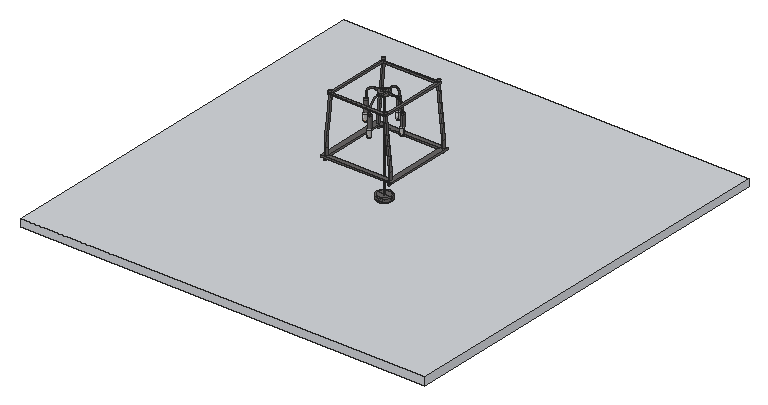
Revit family "11", category Lighting Fixtures, host Face, Revit 2014
Parameters (values of type "P500214-031")
  Watts = 60 W
  Wattage Comments = "60W"
  Warranty = "1 year Warranty"  # constant formula
  Voltage = 120 V
  URL = "https://www.hubbell.com/progresslighting/en"
  Product Link = "https://www.hubbell.com/progresslighting/en/Products/Lighting-Controls/Residential-Indoor-Lighting/New-Indoor-Products/Parkhurst-Collection-Black-Four-Light-Foyer/p/3980600"
  Product Documentation Link = "https://hubbellcdn.com/specsheet/PROG_P500214-031_spec.pdf"
  Power Factor = 1
  Model = "P500214-031"  # constant formula
  Manufacturer = "Progress Lighting"  # constant formula
  Load Classification = Lighting
  Gold = Hubbell - Gold
  Glass = Paint - Hubbell - White Texture
  Width = 6.00"
  Lamp = "LED or Medium Base"  # constant formula
  Housing Material = Paint - Hubbell - Textured Camera Black
  Fixture distribution = "Direct"  # constant formula
  Features = "An open-cage metal frame creates a sophisticated, airy structure.\r\nA beautiful black finish coats the lantern-style frame for an eye-pleasing, handsome design.\r\nInside the frame perch smooth, simple light bases ready to offer your home a lovely glow.\r\nIdeal for a hallway, foyer, entryway, kitchen, or dining room.\r\nPerfect for transitional, new traditional, and farmhouse settings.\r\nMeasures 14-3/8-inch width by 24-3/8-inch height.\r\nUses four candelabra base bulbs that are sold separately (60w max - LED or incandescent).\r\nAble to be fully dimmable with dimmable bulbs.\r\nIncludes installation instructions and mounting hardware.\r\nProgress Lighting products are designed for exceptional quality, reliability, and functionality."  # constant formula
  Height = 26.50"
  Description = "Offer a modern spin on a timeless design with the Parkhurst Collection. Lantern-style metal frames create an airy structure ideal for emitting ambient light over memories being made below. Inside the frame perch smooth, simple light bases ready to offer your home a lovely glow."  # constant formula
  Default Elevation = 48.00"
  Copyright = " ©2020 Progress Lighting, a division of Hubbell Lighting, Inc"  # constant formula
  Contact = "https://www.hubbell.com/progresslighting/en/contactUs"
  Connector Description = ""
  Assembly Code = "D5020200"
  Apparent Load = Watts / Power Factor  # 60 VA
Reference planes (in)
  plane 1 "Center (Front/Back)": y = 0
  plane 2: z = 0.5561
  plane 3 "Center (Left/Right)": x = 0
  plane 4: z = 30.74847
  plane 5: z = 12.1861
  plane 6: z = 23.8161
  plane 7: x = -7.19
  plane 8: x = 7.19
  plane 9: y = -7.38
  plane 10: y = 7.38
Forms (in)
  Extrusion 1, solid
    sketch origin (0, 0, 0) x (1, 0, 0) y (0, 1, 0)
      loop
        line (-48, 48) -> (-48, -48) -> (48, -48) -> (48, 48) -> (-48, 48)
    from 0.5561 to -1.25
  Revolve 2, solid, material "Paint - Hubbell - Textured Camera Black" <- "Housing Material"
    sketch origin (0.00307, -0.00024, 29.51348) x (-1, 0, 0) y (0, 0, -1)
      loop
        line (0, 28.70719) -> (0, 5.83238) -> (0, 5.70738) -> (0.21062, 5.70738) -> (0.21062, 5.87146) -> (0.91739, 5.87146)
        arc (0.91739, 5.87146) -> (1.06563, 5.92015) -> (1.15612, 6.04725) r 0.25
        arc (1.15612, 6.04725) -> (1.20195, 6.2382) -> (1.22228, 6.43351) r 1.49141
        arc (1.22228, 6.43351) -> (1.17565, 6.55579) -> (1.05523, 6.60702) r 0.16717
        line (1.05523, 6.60702) -> (0.46557, 6.60702) -> (0.46557, 6.68179) -> (0.25678, 6.68179) -> (0.25678, 6.72735) -> (0.17323, 6.72735) -> (0.17323, 27.95738) -> (1.56155, 27.95738)
        arc (1.56155, 27.95738) -> (1.69698, 28.01347) -> (1.75307, 28.1489) r 0.19152
        line (1.75307, 28.1489) -> (1.75307, 28.70738) -> (1.75307, 28.78221)
        arc (1.75307, 28.78221) -> (1.70177, 28.90607) -> (1.5779, 28.95738) r 0.17517
        line (1.5779, 28.95738) -> (0.00307, 28.95738) -> (0.00307, 28.70719)
      axis (0, 28.95738) -> (0, 5.70738)
    angle from 0 to 360
  Revolve 3, solid, material "Paint - Hubbell - Textured Camera Black" <- "Housing Material"
    sketch origin (-0.29172, 2.93918, -0.1875) x (-0.809017, -0.587785, 0) y (0, 0, 1)
      loop
        arc (5.38569, 20.34856) -> (5.40924, 20.43538) -> (5.38569, 20.5222) r 0.17182
        line (5.38569, 20.5222) -> (5.32048, 20.5222) -> (5.32048, 20.5956) -> (5.03246, 20.5956) -> (5.03246, 17.53731) -> (5.30384, 17.53731) -> (5.30384, 17.69894) -> (5.38569, 17.69894) -> (5.38569, 20.34856)
      axis (5.03246, 20.5956) -> (5.03246, 17.53731)
    angle from 0 to 360
  Revolve 4, solid, material "Paint - Hubbell - White Texture" <- "Glass"
    sketch origin (-0.29172, 2.93918, -1.4375) x (-0.809017, -0.587785, 0) y (0, 0, 1)
      loop
        line (5.03246, 18.78731) -> (5.03246, 16.68154)
        arc (5.03246, 16.68154) -> (5.37892, 16.80134) -> (5.52593, 17.13716) r 0.45707
        line (5.52593, 17.13716) -> (5.52593, 18.56522)
        arc (5.52593, 18.56522) -> (5.46088, 18.72226) -> (5.30384, 18.78731) r 0.22208
        line (5.30384, 18.78731) -> (5.03246, 18.78731)
      axis (5.03246, 18.78731) -> (5.03246, 16.68154)
    angle from 0 to 360
  Revolve 5, solid, material "Hubbell - Gold" <- "Gold"
    sketch origin (-0.29172, 2.93918, -1.4375) x (-0.809017, -0.587785, 0) y (0, 0, 1)
      loop
        line (5.03246, 18.78731) -> (5.03246, 18.30267) -> (5.12333, 18.30267)
        arc (5.12333, 18.30267) -> (5.13812, 18.31157) -> (5.13717, 18.32881) r 0.01673
        arc (5.13717, 18.32881) -> (5.12069, 18.36314) -> (5.11503, 18.40079) r 0.1281
        arc (5.11503, 18.40079) -> (5.1355, 18.45022) -> (5.18492, 18.47069) r 0.06989
        line (5.18492, 18.47069) -> (5.18492, 18.78731) -> (5.03246, 18.78731)
      axis (5.03246, 18.78731) -> (5.03246, 18.30267)
    angle from 0 to 360
  Sweep 6, solid, material "Hubbell - Gold" <- "Gold"
    path origin (-0.29172, 2.93918, -1.4375) x (-0.809017, -0.587785, 0) y (0, 0, 1)
      loop
        line (5.08455, 18.29601) -> (5.32306, 17.06897)
    profile origin (-4.50169, -0.11954, 16.24499) x (-0.794153, -0.576986, 0.190809) y (-0.587785, 0.809017, 0)
      loop
        circle (0, 0.00555) r 0.031
  Sweep 7, solid, material "Hubbell - Gold" <- "Gold"
    path origin (-3.83818, -5.02629, -1.4375) x (-0.104528, 0.994522, 0) y (0, 0, 1)
      loop
        line (5.08455, 18.29601) -> (5.32306, 17.06897)
    profile origin (-4.38212, 0.14901, 16.24499) x (-0.102608, 0.97625, 0.190809) y (0.994522, 0.104528, 0)
      loop
        circle (0, 0.00555) r 0.031
  Sweep 8, solid, material "Hubbell - Gold" <- "Gold"
    path origin (-8.96792, 2.01727, -1.4375) x (0.913545, -0.406737, 0) y (0, 0, 1)
      loop
        line (5.08455, 18.29601) -> (5.32306, 17.06897)
    profile origin (-4.21401, -0.09931, 16.24499) x (0.896761, -0.399264, 0.190809) y (-0.406737, -0.913545, 0)
      loop
        circle (0, 0.00555) r 0.031
  Sweep 9, solid, material "Paint - Hubbell - Textured Camera Black" <- "Housing Material"
    path origin (0, 0, 0) x (1, 0, 0) y (0, 0, 1)
      loop
        line (-4.35932, 20.38774) -> (-4.35932, 21.08774)
        arc (-4.35932, 21.08774) -> (-3.69801, 22.68429) -> (-2.10146, 23.3456) r 2.25786
        line (-2.10146, 23.3456) -> (-1.17182, 23.3456)
    profile origin (-4.35932, 0, 20.73774) x (-1, 0, 0) y (0, -1, 0)
      loop
        circle (0, 0) r 0.1
  Sweep 10, solid, material "Paint - Hubbell - Textured Camera Black" <- "Housing Material"
    path origin (0.375, 0, 0) x (-1, 0, 0) y (0, 0, 1)
      loop
        line (-7.19, 10.5561) -> (-7.19, 12.2577)
        arc (-7.19, 12.2577) -> (-7.14998, 13.55363) -> (-7.03006, 14.84461) r 21
        line (-7.03006, 14.84461) -> (-6.54937, 18.71698)
        arc (-6.54937, 18.71698) -> (-6.29654, 21.26188) -> (-6.16853, 23.8161) r 52.25
    profile origin (7.565, 0, 11.4069) x (-1, 0, 0) y (0, -1, 0)
      loop
        line (-0.2363, 8.00284) -> (-0.2363, 7.61044) -> (0.1561, 7.61044) -> (0.1561, 8.00284) -> (-0.2363, 8.00284)
  Sweep 11, solid, material "Paint - Hubbell - Textured Camera Black" <- "Housing Material"
    path origin (0.375, 0.4375, 0) x (-1, 0, 0) y (0, 0, 1)
      loop
        line (-7.19, 10.5561) -> (-7.19, 12.2577)
        arc (-7.19, 12.2577) -> (-7.14998, 13.55363) -> (-7.03006, 14.84461) r 21
        line (-7.03006, 14.84461) -> (-6.54937, 18.71698)
        arc (-6.54937, 18.71698) -> (-6.29654, 21.26188) -> (-6.16853, 23.8161) r 52.25
    profile origin (7.565, 0.4375, 11.4069) x (1, 0, 0) y (0, 1, 0)
      loop
        line (0.2363, 7.62784) -> (-0.1561, 7.62784) -> (-0.1561, 7.23544) -> (0.2363, 7.23544) -> (0.2363, 7.62784)
  Extrusion 12, solid, material "Paint - Hubbell - Textured Camera Black" <- "Housing Material"
    sketch origin (0, 0, 0) x (1, 0, 0) y (0, 1, 0)
      loop
        line (-8.40402, 8.41847) -> (-8.40402, -8.33153) -> (8.34598, -8.33153) -> (8.34598, 8.41847) -> (-8.40402, 8.41847)
      loop
        line (-7.19, 7.38) -> (-7.19, -7.38) -> (7.19, -7.38) -> (7.19, 7.38) -> (-7.19, 7.38)
    from 10.20754 to 10.5561
  Extrusion 13, solid, material "Paint - Hubbell - Textured Camera Black" <- "Housing Material"
    sketch origin (0, 0, 13.625) x (1, 0, 0) y (0, 1, 0)
      loop
        line (-6.92924, 8.06534) -> (-6.92924, -8.06534) -> (6.87093, -8.06534) -> (6.87093, 8.06534) -> (-6.92924, 8.06534)
      loop
        line (-6.38748, 7.67294) -> (-6.38748, -7.61044) -> (6.38748, -7.61044) -> (6.38748, 7.67294) -> (-6.38748, 7.67294)
    from 10.20754 to 10.5561
  Sweep 14, solid, material "Paint - Hubbell - Textured Camera Black" <- "Housing Material"
    path origin (-0.375, 0, 0) x (1, 0, 0) y (0, 0, 1)
      loop
        line (-7.19, 10.5561) -> (-7.19, 12.2577)
        arc (-7.19, 12.2577) -> (-7.14998, 13.55363) -> (-7.03006, 14.84461) r 21
        line (-7.03006, 14.84461) -> (-6.54937, 18.71698)
        arc (-6.54937, 18.71698) -> (-6.29654, 21.26188) -> (-6.16853, 23.8161) r 52.25
    profile origin (-7.565, 0, 11.4069) x (-1, 0, 0) y (0, -1, 0)
      loop
        line (0.2363, 8.00284) -> (-0.1561, 8.00284) -> (-0.1561, 7.61044) -> (0.2363, 7.61044) -> (0.2363, 8.00284)
  Sweep 15, solid, material "Paint - Hubbell - Textured Camera Black" <- "Housing Material"
    path origin (-0.375, 0.4375, 0) x (1, 0, 0) y (0, 0, -1)
      loop
        line (-7.19, -10.5561) -> (-7.19, -12.2577)
        arc (-7.19, -12.2577) -> (-7.14998, -13.55363) -> (-7.03006, -14.84461) r 21
        line (-7.03006, -14.84461) -> (-6.54937, -18.71698)
        arc (-6.54937, -18.71698) -> (-6.29654, -21.26188) -> (-6.16853, -23.8161) r 52.25
    profile origin (-7.565, 0.4375, 11.4069) x (1, 0, 0) y (0, 1, 0)
      loop
        line (-0.2363, 7.62784) -> (-0.2363, 7.23544) -> (0.1561, 7.23544) -> (0.1561, 7.62784) -> (-0.2363, 7.62784)
  Revolve 16, solid, material "Paint - Hubbell - Textured Camera Black" <- "Housing Material"
    sketch origin (0, 7.90625, 0) x (1, 0, 0) y (0, 0, 1)
      loop
        line (-7.6051, 10.20754) -> (-7.6051, 9.58185)
        arc (-7.6051, 9.58185) -> (-7.4995, 9.60046) -> (-7.40163, 9.64427) r 0.43614
        line (-7.40163, 9.64427) -> (-7.3551, 9.64427)
        arc (-7.3551, 9.64427) -> (-7.30757, 9.74547) -> (-7.3551, 9.84667) r 0.13151
        arc (-7.3551, 9.84667) -> (-7.4138, 9.97167) -> (-7.3551, 10.09667) r 0.16244
        line (-7.3551, 10.09667) -> (-7.3551, 10.20754) -> (-7.6051, 10.20754)
      axis (-7.6051, 10.20754) -> (-7.6051, 9.58185)
    angle from 0 to 360
  Revolve 17, solid, material "Paint - Hubbell - Textured Camera Black" <- "Housing Material"
    sketch origin (0, 7.90625, 0) x (-1, 0, 0) y (0, 0, -1)
      loop
        line (-7.6051, -10.20754) -> (-7.3551, -10.20754) -> (-7.3551, -10.09667)
        arc (-7.3551, -10.09667) -> (-7.4138, -9.97167) -> (-7.3551, -9.84667) r 0.16244
        arc (-7.3551, -9.84667) -> (-7.30757, -9.74547) -> (-7.3551, -9.64427) r 0.13151
        line (-7.3551, -9.64427) -> (-7.40163, -9.64427)
        arc (-7.40163, -9.64427) -> (-7.4995, -9.60046) -> (-7.6051, -9.58185) r 0.43614
        line (-7.6051, -9.58185) -> (-7.6051, -10.20754)
      axis (-7.6051, -10.20754) -> (-7.6051, -9.58185)
    angle from 0 to 360
  Revolve 18, solid, material "Paint - Hubbell - Textured Camera Black" <- "Housing Material"
    sketch origin (0, -7.90625, 0) x (1, 0, 0) y (0, 0, -1)
      loop
        line (-7.6051, -10.20754) -> (-7.3551, -10.20754) -> (-7.3551, -10.09667)
        arc (-7.3551, -10.09667) -> (-7.4138, -9.97167) -> (-7.3551, -9.84667) r 0.16244
        arc (-7.3551, -9.84667) -> (-7.30757, -9.74547) -> (-7.3551, -9.64427) r 0.13151
        line (-7.3551, -9.64427) -> (-7.40163, -9.64427)
        arc (-7.40163, -9.64427) -> (-7.4995, -9.60046) -> (-7.6051, -9.58185) r 0.43614
        line (-7.6051, -9.58185) -> (-7.6051, -10.20754)
      axis (-7.6051, -10.20754) -> (-7.6051, -9.58185)
    angle from 0 to 360
  Revolve 19, solid, material "Paint - Hubbell - Textured Camera Black" <- "Housing Material"
    sketch origin (0, -7.90625, 0) x (-1, 0, 0) y (0, 0, 1)
      loop
        line (-7.6051, 10.20754) -> (-7.6051, 9.58185)
        arc (-7.6051, 9.58185) -> (-7.4995, 9.60046) -> (-7.40163, 9.64427) r 0.43614
        line (-7.40163, 9.64427) -> (-7.3551, 9.64427)
        arc (-7.3551, 9.64427) -> (-7.30757, 9.74547) -> (-7.3551, 9.84667) r 0.13151
        arc (-7.3551, 9.84667) -> (-7.4138, 9.97167) -> (-7.3551, 10.09667) r 0.16244
        line (-7.3551, 10.09667) -> (-7.3551, 10.20754) -> (-7.6051, 10.20754)
      axis (-7.6051, 10.20754) -> (-7.6051, 9.58185)
    angle from 0 to 360
  Revolve 20, solid, material "Paint - Hubbell - Textured Camera Black" <- "Housing Material"
    sketch origin (-1, 7.90625, 34.39684) x (-1, 0, 0) y (0, 0, -1)
      loop
        line (-7.6051, 10.20754) -> (-7.6051, 9.58185)
        arc (-7.6051, 9.58185) -> (-7.4995, 9.60046) -> (-7.40163, 9.64427) r 0.43614
        line (-7.40163, 9.64427) -> (-7.3551, 9.64427)
        arc (-7.3551, 9.64427) -> (-7.30757, 9.74547) -> (-7.3551, 9.84667) r 0.13151
        arc (-7.3551, 9.84667) -> (-7.4138, 9.97167) -> (-7.3551, 10.09667) r 0.16244
        line (-7.3551, 10.09667) -> (-7.3551, 10.20754) -> (-7.6051, 10.20754)
      axis (-7.6051, 10.20754) -> (-7.6051, 9.58185)
    angle from 0 to 360
  Revolve 21, solid, material "Paint - Hubbell - Textured Camera Black" <- "Housing Material"
    sketch origin (-1, -7.90625, 34.39684) x (-1, 0, 0) y (0, 0, 1)
      loop
        line (-7.6051, -10.20754) -> (-7.3551, -10.20754) -> (-7.3551, -10.09667)
        arc (-7.3551, -10.09667) -> (-7.4138, -9.97167) -> (-7.3551, -9.84667) r 0.16244
        arc (-7.3551, -9.84667) -> (-7.30757, -9.74547) -> (-7.3551, -9.64427) r 0.13151
        line (-7.3551, -9.64427) -> (-7.40163, -9.64427)
        arc (-7.40163, -9.64427) -> (-7.4995, -9.60046) -> (-7.6051, -9.58185) r 0.43614
        line (-7.6051, -9.58185) -> (-7.6051, -10.20754)
      axis (-7.6051, -10.20754) -> (-7.6051, -9.58185)
    angle from 0 to 360
  Revolve 22, solid, material "Paint - Hubbell - Textured Camera Black" <- "Housing Material"
    sketch origin (1, 7.90625, 34.39684) x (1, 0, 0) y (0, 0, 1)
      loop
        line (-7.6051, -10.20754) -> (-7.3551, -10.20754) -> (-7.3551, -10.09667)
        arc (-7.3551, -10.09667) -> (-7.4138, -9.97167) -> (-7.3551, -9.84667) r 0.16244
        arc (-7.3551, -9.84667) -> (-7.30757, -9.74547) -> (-7.3551, -9.64427) r 0.13151
        line (-7.3551, -9.64427) -> (-7.40163, -9.64427)
        arc (-7.40163, -9.64427) -> (-7.4995, -9.60046) -> (-7.6051, -9.58185) r 0.43614
        line (-7.6051, -9.58185) -> (-7.6051, -10.20754)
      axis (-7.6051, -10.20754) -> (-7.6051, -9.58185)
    angle from 0 to 360
  Revolve 23, solid, material "Paint - Hubbell - Textured Camera Black" <- "Housing Material"
    sketch origin (1, -7.90625, 34.39684) x (1, 0, 0) y (0, 0, -1)
      loop
        line (-7.6051, 10.20754) -> (-7.6051, 9.58185)
        arc (-7.6051, 9.58185) -> (-7.4995, 9.60046) -> (-7.40163, 9.64427) r 0.43614
        line (-7.40163, 9.64427) -> (-7.3551, 9.64427)
        arc (-7.3551, 9.64427) -> (-7.30757, 9.74547) -> (-7.3551, 9.84667) r 0.13151
        arc (-7.3551, 9.84667) -> (-7.4138, 9.97167) -> (-7.3551, 10.09667) r 0.16244
        line (-7.3551, 10.09667) -> (-7.3551, 10.20754) -> (-7.6051, 10.20754)
      axis (-7.6051, 10.20754) -> (-7.6051, 9.58185)
    angle from 0 to 360
  Revolve 24, solid, material "Paint - Hubbell - Textured Camera Black" <- "Housing Material"
    sketch origin (0.29172, 2.93918, -0.1875) x (0.809017, -0.587785, 0) y (0, 0, -1)
      loop
        line (5.38569, -20.34856) -> (5.38569, -17.69894) -> (5.30384, -17.69894) -> (5.30384, -17.53731) -> (5.03246, -17.53731) -> (5.03246, -20.5956) -> (5.32048, -20.5956) -> (5.32048, -20.5222) -> (5.38569, -20.5222)
        arc (5.38569, -20.5222) -> (5.40924, -20.43538) -> (5.38569, -20.34856) r 0.17182
      axis (5.03246, -20.5956) -> (5.03246, -17.53731)
    angle from 0 to 360
  Revolve 25, solid, material "Paint - Hubbell - White Texture" <- "Glass"
    sketch origin (0.29172, 2.93918, -1.4375) x (0.809017, -0.587785, 0) y (0, 0, -1)
      loop
        line (5.03246, -18.78731) -> (5.30384, -18.78731)
        arc (5.30384, -18.78731) -> (5.46088, -18.72226) -> (5.52593, -18.56522) r 0.22208
        line (5.52593, -18.56522) -> (5.52593, -17.13716)
        arc (5.52593, -17.13716) -> (5.37892, -16.80134) -> (5.03246, -16.68154) r 0.45707
        line (5.03246, -16.68154) -> (5.03246, -18.78731)
      axis (5.03246, -18.78731) -> (5.03246, -16.68154)
    angle from 0 to 360
  Revolve 26, solid, material "Hubbell - Gold" <- "Gold"
    sketch origin (0.29172, 2.93918, -1.4375) x (0.809017, -0.587785, 0) y (0, 0, -1)
      loop
        line (5.03246, -18.78731) -> (5.18492, -18.78731) -> (5.18492, -18.47069)
        arc (5.18492, -18.47069) -> (5.1355, -18.45022) -> (5.11503, -18.40079) r 0.06989
        arc (5.11503, -18.40079) -> (5.12069, -18.36314) -> (5.13717, -18.32881) r 0.1281
        arc (5.13717, -18.32881) -> (5.13812, -18.31157) -> (5.12333, -18.30267) r 0.01673
        line (5.12333, -18.30267) -> (5.03246, -18.30267) -> (5.03246, -18.78731)
      axis (5.03246, -18.78731) -> (5.03246, -18.30267)
    angle from 0 to 360
  Sweep 27, solid, material "Hubbell - Gold" <- "Gold"
    path origin (0.29172, 2.93918, -1.4375) x (0.809017, -0.587785, 0) y (0, 0, -1)
      loop
        line (5.08455, -18.29601) -> (5.32306, -17.06897)
    profile origin (4.50169, -0.11954, 16.24499) x (-0.794153, 0.576986, -0.190809) y (0.587785, 0.809017, 0)
      loop
        circle (0, 0.00555) r 0.031
  Sweep 28, solid, material "Hubbell - Gold" <- "Gold"
    path origin (3.83818, -5.02629, -1.4375) x (0.104528, 0.994522, 0) y (0, 0, -1)
      loop
        line (5.08455, -18.29601) -> (5.32306, -17.06897)
    profile origin (4.38212, 0.14901, 16.24499) x (-0.102608, -0.97625, -0.190809) y (-0.994522, 0.104528, 0)
      loop
        circle (0, 0.00555) r 0.031
  Sweep 29, solid, material "Hubbell - Gold" <- "Gold"
    path origin (8.96792, 2.01727, -1.4375) x (-0.913545, -0.406737, 0) y (0, 0, -1)
      loop
        line (5.08455, -18.29601) -> (5.32306, -17.06897)
    profile origin (4.21401, -0.09931, 16.24499) x (0.896761, 0.399264, -0.190809) y (0.406737, -0.913545, 0)
      loop
        circle (0, 0.00555) r 0.031
  Sweep 30, solid, material "Paint - Hubbell - Textured Camera Black" <- "Housing Material"
    path origin (0, 0, 0) x (-1, 0, 0) y (0, 0, 1)
      loop
        line (-4.35932, 20.38774) -> (-4.35932, 21.08774)
        arc (-4.35932, 21.08774) -> (-3.69801, 22.68429) -> (-2.10146, 23.3456) r 2.25786
        line (-2.10146, 23.3456) -> (-1.17182, 23.3456)
    profile origin (4.35932, 0, 20.73774) x (-1, 0, 0) y (0, -1, 0)
      loop
        circle (0, 0) r 0.1
  Revolve 31, solid, material "Paint - Hubbell - Textured Camera Black" <- "Housing Material"
    sketch origin (2.95801, 0.2729, -0.1875) x (-0.587785, 0.809017, 0) y (0, 0, 1)
      loop
        arc (5.38569, 20.34856) -> (5.40924, 20.43538) -> (5.38569, 20.5222) r 0.17182
        line (5.38569, 20.5222) -> (5.32048, 20.5222) -> (5.32048, 20.5956) -> (5.03246, 20.5956) -> (5.03246, 17.53731) -> (5.30384, 17.53731) -> (5.30384, 17.69894) -> (5.38569, 17.69894) -> (5.38569, 20.34856)
      axis (5.03246, 20.5956) -> (5.03246, 17.53731)
    angle from 0 to 360
  Revolve 32, solid, material "Paint - Hubbell - White Texture" <- "Glass"
    sketch origin (2.95801, 0.2729, -1.4375) x (-0.587785, 0.809017, 0) y (0, 0, 1)
      loop
        line (5.03246, 18.78731) -> (5.03246, 16.68154)
        arc (5.03246, 16.68154) -> (5.37892, 16.80134) -> (5.52593, 17.13716) r 0.45707
        line (5.52593, 17.13716) -> (5.52593, 18.56522)
        arc (5.52593, 18.56522) -> (5.46088, 18.72226) -> (5.30384, 18.78731) r 0.22208
        line (5.30384, 18.78731) -> (5.03246, 18.78731)
      axis (5.03246, 18.78731) -> (5.03246, 16.68154)
    angle from 0 to 360
  Revolve 33, solid, material "Hubbell - Gold" <- "Gold"
    sketch origin (2.95801, 0.2729, -1.4375) x (-0.587785, 0.809017, 0) y (0, 0, 1)
      loop
        line (5.03246, 18.78731) -> (5.03246, 18.30267) -> (5.12333, 18.30267)
        arc (5.12333, 18.30267) -> (5.13812, 18.31157) -> (5.13717, 18.32881) r 0.01673
        arc (5.13717, 18.32881) -> (5.12069, 18.36314) -> (5.11503, 18.40079) r 0.1281
        arc (5.11503, 18.40079) -> (5.1355, 18.45022) -> (5.18492, 18.47069) r 0.06989
        line (5.18492, 18.47069) -> (5.18492, 18.78731) -> (5.03246, 18.78731)
      axis (5.03246, 18.78731) -> (5.03246, 18.30267)
    angle from 0 to 360
  Sweep 34, solid, material "Hubbell - Gold" <- "Gold"
    path origin (2.95801, 0.2729, -1.4375) x (-0.587785, 0.809017, 0) y (0, 0, 1)
      loop
        line (5.08455, 18.29601) -> (5.32306, 17.06897)
    profile origin (-0.10071, 4.48286, 16.24499) x (-0.576986, 0.794153, 0.190809) y (0.809017, 0.587785, 0)
      loop
        circle (0, 0.00555) r 0.031
  Sweep 35, solid, material "Hubbell - Gold" <- "Gold"
    path origin (-5.00746, 3.81935, -1.4375) x (0.994522, 0.104528, 0) y (0, 0, 1)
      loop
        line (5.08455, 18.29601) -> (5.32306, 17.06897)
    profile origin (0.16783, 4.3633, 16.24499) x (0.97625, 0.102608, 0.190809) y (0.104528, -0.994522, 0)
      loop
        circle (0, 0.00555) r 0.031
  Sweep 36, solid, material "Hubbell - Gold" <- "Gold"
    path origin (2.03609, 8.9491, -1.4375) x (-0.406737, -0.913545, 0) y (0, 0, 1)
      loop
        line (5.08455, 18.29601) -> (5.32306, 17.06897)
    profile origin (-0.08049, 4.19519, 16.24499) x (-0.399264, -0.896761, 0.190809) y (-0.913545, 0.406737, 0)
      loop
        circle (0, 0.00555) r 0.031
  Sweep 37, solid, material "Paint - Hubbell - Textured Camera Black" <- "Housing Material"
    path origin (0.01882, -0.01882, 0) x (0, -1, 0) y (0, 0, 1)
      loop
        line (-4.35932, 20.38774) -> (-4.35932, 21.08774)
        arc (-4.35932, 21.08774) -> (-3.69801, 22.68429) -> (-2.10146, 23.3456) r 2.25786
        line (-2.10146, 23.3456) -> (-1.17182, 23.3456)
    profile origin (0.01882, 4.3405, 20.73774) x (0, 1, 0) y (-1, 0, 0)
      loop
        circle (0, 0) r 0.1
  Revolve 38, solid, material "Paint - Hubbell - Textured Camera Black" <- "Housing Material"
    sketch origin (2.95801, -0.31054, -0.1875) x (-0.587785, -0.809017, 0) y (0, 0, -1)
      loop
        line (5.38569, -20.34856) -> (5.38569, -17.69894) -> (5.30384, -17.69894) -> (5.30384, -17.53731) -> (5.03246, -17.53731) -> (5.03246, -20.5956) -> (5.32048, -20.5956) -> (5.32048, -20.5222) -> (5.38569, -20.5222)
        arc (5.38569, -20.5222) -> (5.40924, -20.43538) -> (5.38569, -20.34856) r 0.17182
      axis (5.03246, -20.5956) -> (5.03246, -17.53731)
    angle from 0 to 360
  Revolve 39, solid, material "Paint - Hubbell - White Texture" <- "Glass"
    sketch origin (2.95801, -0.31054, -1.4375) x (-0.587785, -0.809017, 0) y (0, 0, -1)
      loop
        line (5.03246, -18.78731) -> (5.30384, -18.78731)
        arc (5.30384, -18.78731) -> (5.46088, -18.72226) -> (5.52593, -18.56522) r 0.22208
        line (5.52593, -18.56522) -> (5.52593, -17.13716)
        arc (5.52593, -17.13716) -> (5.37892, -16.80134) -> (5.03246, -16.68154) r 0.45707
        line (5.03246, -16.68154) -> (5.03246, -18.78731)
      axis (5.03246, -18.78731) -> (5.03246, -16.68154)
    angle from 0 to 360
  Revolve 40, solid, material "Hubbell - Gold" <- "Gold"
    sketch origin (2.95801, -0.31054, -1.4375) x (-0.587785, -0.809017, 0) y (0, 0, -1)
      loop
        line (5.03246, -18.78731) -> (5.18492, -18.78731) -> (5.18492, -18.47069)
        arc (5.18492, -18.47069) -> (5.1355, -18.45022) -> (5.11503, -18.40079) r 0.06989
        arc (5.11503, -18.40079) -> (5.12069, -18.36314) -> (5.13717, -18.32881) r 0.1281
        arc (5.13717, -18.32881) -> (5.13812, -18.31157) -> (5.12333, -18.30267) r 0.01673
        line (5.12333, -18.30267) -> (5.03246, -18.30267) -> (5.03246, -18.78731)
      axis (5.03246, -18.78731) -> (5.03246, -18.30267)
    angle from 0 to 360
  Sweep 41, solid, material "Hubbell - Gold" <- "Gold"
    path origin (2.95801, -0.31054, -1.4375) x (-0.587785, -0.809017, 0) y (0, 0, -1)
      loop
        line (5.08455, -18.29601) -> (5.32306, -17.06897)
    profile origin (-0.10071, -4.52051, 16.24499) x (0.576986, 0.794153, -0.190809) y (0.809017, -0.587785, 0)
      loop
        circle (0, 0.00555) r 0.031
  Sweep 42, solid, material "Hubbell - Gold" <- "Gold"
    path origin (-5.00746, -3.857, -1.4375) x (0.994522, -0.104528, 0) y (0, 0, -1)
      loop
        line (5.08455, -18.29601) -> (5.32306, -17.06897)
    profile origin (0.16783, -4.40095, 16.24499) x (-0.97625, 0.102608, -0.190809) y (0.104528, 0.994522, 0)
      loop
        circle (0, 0.00555) r 0.031
  Sweep 43, solid, material "Hubbell - Gold" <- "Gold"
    path origin (2.03609, -8.98675, -1.4375) x (-0.406737, 0.913545, 0) y (0, 0, -1)
      loop
        line (5.08455, -18.29601) -> (5.32306, -17.06897)
    profile origin (-0.08049, -4.23284, 16.24499) x (0.399264, -0.896761, -0.190809) y (-0.913545, -0.406737, 0)
      loop
        circle (0, 0.00555) r 0.031
  Sweep 44, solid, material "Paint - Hubbell - Textured Camera Black" <- "Housing Material"
    path origin (0.01882, -0.01882, 0) x (0, 1, 0) y (0, 0, -1)
      loop
        line (-4.35932, -20.38774) -> (-4.35932, -21.08774)
        arc (-4.35932, -21.08774) -> (-3.69801, -22.68429) -> (-2.10146, -23.3456) r 2.25786
        line (-2.10146, -23.3456) -> (-1.17182, -23.3456)
    profile origin (0.01882, -4.37815, 20.73774) x (0, 1, 0) y (-1, 0, 0)
      loop
        circle (0, 0) r 0.1
Dimensions and locks (in)
  aligned and locked: plane 2 to Extrusion 1
Nested families (in)
  nested 1: "Light Source" at (-4.67681, -0.08153, 14.5), type "Light Source"
  nested 2: "Light Source" at (-0.08062, 4.51466, 14.5), type "Light Source"
  nested 3: "Light Source" at (-0.08062, -4.51129, 14.5), type "Light Source"
  nested 4: "Light Source" at (4.35268, -0.078, 14.5), type "Light Source"
Connectors (in)
  electrical at (0.00307, -0.00024, 12.4311), driven by "Voltage", driven by "Apparent Load", driven by "Power Factor", driven by "Connector Description", driven by "Load Classification"
    settings: on Revolve 2, index 2, voltage 120 V, apparent load 60 VA, apparent load phase1 0 VA, apparent load phase2 0 VA, apparent load phase3 0 VA, power factor 1, load classification "Lighting", number of poles 1, system type 30, power factor state 1, is connector primary yes, connector utility no, sub classification motor no, connector description ""
Definition of nested family "Light Source"
  Parameters (values of type "Light Source")
    Wattage = 60 W
    built-in parameter 1150110 = 1 (stored number, unit not read)
    built-in parameter 1114217 = 1 (stored number, unit not read)
    Tilt Angle = 60.00°
    built-in parameter 1150109 = 1 (stored number, unit not read)
    built-in parameter 1150134 = 3
    built-in parameter 1150113 = 1 (stored number, unit not read)
    Photometric Web File = "generic"
    built-in parameter 1150142 = (empty or 0)
    built-in parameter 1150105 = 477.46 (stored number, unit not read)
    Lumens = 6000 lm
    built-in parameter 1150115 = 1 (stored number, unit not read)
    built-in parameter 1150137 = (empty or 0)
    built-in parameter 1150139 = (empty or 0)
    built-in parameter 1150112 = 1 (stored number, unit not read)
    built-in parameter 1150114 = 1 (stored number, unit not read)
    built-in parameter 1150132 = (empty or 0)
    built-in parameter 1150102 = (empty or 0)
    built-in parameter 1150107 = 3200 (stored number, unit not read)
    built-in parameter 1150138 = (empty or 0)
    built-in parameter 1150106 = 4.7746 (stored number, unit not read)
    built-in parameter 1150104 = 9.2903 (stored number, unit not read)
    Dimming Lamp Color Temperature Shift = (empty or 0)
    Color Filter = 16777215
    built-in parameter 1114218 = 1 (stored number, unit not read)
    built-in parameter 1150133 = 10 (stored number, unit not read)
  Reference planes (in)
    plane 1 "Center (Front/Back)": y = 0
    plane 2: z = 0
    plane 3 "Center (Left/Right)": x = 0
  Dimensions and locks (in)
    aligned and locked: level to plane 2
